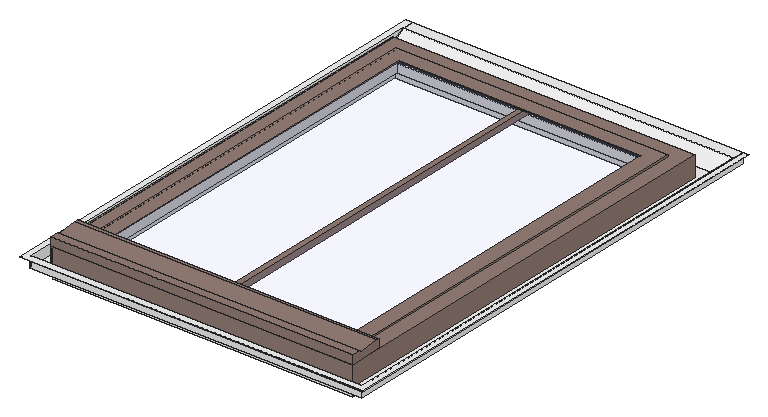
Revit family
Parameters (values of type "Skylight")
  Vis - Vert Bar = yes
  Vis - Ironmongery = yes
  Vert Bar Thickness = 25.00 mm
  Upstand = 50.00 mm
  Rough Width = Width  # 1395.00 mm
  Rough Height = Height  # 1980.00 mm
  Operation = "SinglePanel"
  Material Sash = Window Frame
  Material Ironmongery = Metal - Aluminium
  Material Flashing = Metal - Lead
  Material Glass = Glass
  Keynote = "L10"
  Height = 1980.00 mm
  Type Comments = ""
  Width = 1395.00 mm
  Material Frame = Metal - Bronze, Light Brush
  Assembly Code = ""
Reference planes
  plane 1 "Roof": z = 3657.6
  plane 2 "Top": y = -1206.219
  plane 3 "Bottom": y = 773.781
  plane 4 "Face": z = 3907.6
  plane 5 "Center (Front/Back)": y = -216.219
  plane 6: x = 721.911
  plane 7: x = -673.089
  plane 8 "Center Right/Left": x = 24.411
  plane 9: x = 796.911
  plane 10: y = 848.781
  plane 11: x = -748.089
  plane 12: z = 3862.6
  plane 13: y = -1246.219
Forms (mm)
  Extrusion 1, void
    sketch origin (0, 0, 3657.6) x (1, 0, 0) y (0, 1, 0)
      loop
        line (721.911, -1206.219) -> (721.911, 773.781) -> (-673.089, 773.781) -> (-673.089, -1206.219) -> (721.911, -1206.219)
    from 0 to 250
  Blend 2, void
    base sketch origin (0, 0, 3907.6) x (-1, 0, 0) y (0, -1, 0)
      loop
        line (-796.911, 1246.219) -> (-796.911, -851.781) -> (748.089, -851.781) -> (748.089, 1246.219) -> (-796.911, 1246.219)
    top sketch origin (0, 0, 3907.6) x (-1, 0, 0) y (0, -1, 0)
      loop
        line (-796.911, 1246.219) -> (-796.911, -925.95) -> (748.089, -925.95) -> (748.089, 1246.219) -> (-796.911, 1246.219)
    from -45 to 0
  Sweep 3, solid, material "Metal - Bronze, Light Brush" <- "Material Frame"
    path origin (-14.176, -490.715, 3657.6) x (-1, 0, 0) y (0, -1, 0)
      loop
        line (-811.087, 790.504) -> (-811.087, -1338.876) -> (733.913, -1338.876) -> (733.913, 790.504) -> (-811.087, 790.504)
    profile origin (796.911, -216.529, 3657.6) x (-1, 0, 0) y (0, 0, 1)
      loop
        line (72.567, 210) -> (72.567, 300) -> (142.567, 300) -> (142.567, 307.067) -> (207.567, 307.067) -> (207.567, 310.067) -> (139.567, 310.067) -> (139.567, 303) -> (69.567, 303) -> (69.567, 210) -> (72.567, 210)
  Extrusion 4, solid, material "Metal - Lead" <- "Material Flashing"
    sketch origin (-14.176, -490.715, 3907.6) x (0, -1, 0) y (1, 0, 0)
      loop
        line (-1414.496, 811.087) -> (-1414.496, -733.913) -> (755.504, -733.913) -> (755.504, 811.087) -> (-1414.496, 811.087)
      loop
        line (-1464.496, 836.087) -> (-1464.496, -758.913) -> (780.504, -758.913) -> (780.504, 836.087) -> (-1464.496, 836.087)
    from 0 to 3
  Extrusion 5, solid, material "Metal - Bronze, Light Brush" <- "Material Frame"
    sketch origin (24.411, 0, 0) x (0, -1, 0) y (0, 0, 1)
      loop
        line (1211.652, 3960.6) -> (1211.652, 4000.6) -> (1171.652, 4000.6) -> (1171.652, 3990.6) -> (1072.519, 4000.6) -> (1057.519, 4000.6) -> (1057.519, 3960.6) -> (1211.652, 3960.6)
    from -702.933 to 702.933
  Extrusion 6, solid, material "Metal - Lead" <- "Material Flashing"
    sketch origin (24.411, -2005.696, 1219.2) x (0, -1, 0) y (0, 0, 1)
      loop
        line (-2929.477, 2688.4) -> (-2854.477, 2643.4) -> (-2779.477, 2643.4) -> (-2779.477, 2646.4) -> (-2853.646, 2646.4) -> (-2928.646, 2691.4) -> (-2929.477, 2691.4) -> (-2929.477, 2688.4)
      loop
        line (-759.477, 2691.4) -> (-762.341, 2691.4) -> (-762.341, 2646.4) -> (-799.477, 2646.4) -> (-799.477, 2643.4) -> (-759.477, 2643.4) -> (-759.477, 2691.4)
    from -772.5 to 772.5
  Extrusion 7, solid, material "Metal - Lead" <- "Material Flashing"
    sketch origin (908.235, 848.781, 4876.8) x (1, 0, 0) y (0, 0, 1)
      loop
        line (-111.324, -966.2) -> (-114.324, -966.2) -> (-114.324, -1011.2) -> (-186.324, -1011.2) -> (-186.324, -1014.2) -> (-111.324, -1014.2) -> (-111.324, -966.2)
      loop
        line (-1656.324, -966.2) -> (-1656.324, -1014.2) -> (-1581.324, -1014.2) -> (-1581.324, -1011.2) -> (-1653.324, -1011.2) -> (-1653.324, -966.2) -> (-1656.324, -966.2)
    from -125 to 2095
Cuts and joins
  joined: Extrusion 4, Extrusion 6, Extrusion 7
Lines and regions (mm)
  sketch lines
    curve 1: line (-1599.76, 1436.904, 0) -> (1448.24, 1436.904, 0)
    curve 2: line (-1599.76, 1436.904, 0) -> (-1599.76, -1611.096, 0)
    curve 3: line (-1599.76, -1611.096, 0) -> (1448.24, -1611.096, 0)
    curve 4: line (1448.24, 1436.904, 0) -> (1448.24, -1611.096, 0)
Dimensions and locks
  curve 2 to curve 4 = 3048.00 mm
  curve 3 to curve 1 = 3048.00 mm
  equal spacing: plane 2 "Top", plane 5 "Center (Front/Back)", plane 3 "Bottom"
  "Height": plane 2 "Top" to plane 3 "Bottom"
  "Width": plane 6 to plane 7
  equal spacing: plane 7, plane 8 "Center Right/Left", plane 6
  locked: plane 9 to plane 6 at 75
  locked: plane 7 to plane 11 at 75
  plane 3 "Bottom" to plane 10 = 75.00 mm
  "Upstand": nested 1 to host roof
  locked: host roof to plane 12 at 45
  plane 13 to plane 2 "Top" = 40.00 mm
  locked: plane 2 "Top" to Sweep 3 sketch curve at 75
  Sweep 3 sketch curve to nested 1 = 7.067 mm
  Sweep 3 sketch curve to plane 12 = 5.00 mm
  locked: plane 10 to Extrusion 4 sketch curve at 75
  locked: Extrusion 4 sketch curve to plane 13 at 25
  locked: Extrusion 4 sketch curve to Extrusion 4 sketch curve at 25  (x2)
  locked: Extrusion 4 sketch curve to Extrusion 4 sketch curve at 50
  Extrusion 6 sketch curve to Extrusion 6 sketch curve = 3.00 mm  (x2)
  cut or joined group of Extrusion 4, Extrusion 6, Extrusion 7 to plane 12 = 3.00 mm
  Extrusion 7 sketch curve to plane 11 = 3.00 mm
  locked: plane 10 to Blend 2 sketch curve at 3
  locked: cut or joined group of Extrusion 4, Extrusion 6, Extrusion 7 to Blend 2 sketch curve at 3
  aligned and locked: level to plane 1 "Roof"
  aligned and locked: plane 4 "Face" to host roof
  aligned and locked: host roof to Extrusion 1
  aligned and locked: Extrusion 1 to plane 1 "Roof"
  aligned and locked: Sweep 3 sketch curve to plane 11
  aligned and locked: Sweep 3 sketch curve to nested 1
  aligned and locked: Extrusion 4 sketch curve to plane 9
  aligned and locked: Extrusion 4 sketch curve to plane 11
  aligned and locked: plane 13 to Extrusion 4 sketch curve
  aligned and locked: Extrusion 5 sketch curve to Sweep 3
  aligned and locked: Extrusion 4 to Extrusion 6 sketch curve
  aligned and locked: plane 9 to Extrusion 6
  aligned and locked: plane 11 to Extrusion 6
  aligned and locked: nested 1 to Extrusion 7 sketch curve
  aligned and locked: Extrusion 7 sketch curve to cut or joined group of Extrusion 4, Extrusion 6, Extrusion 7  (x2)
  aligned and locked: Extrusion 6 sketch curve to cut or joined group of Extrusion 4, Extrusion 6, Extrusion 7
  aligned and locked: cut or joined group of Extrusion 4, Extrusion 6, Extrusion 7 to Extrusion 7 sketch curve
  aligned and locked: Extrusion 7 sketch curve to plane 9
  aligned and locked: plane 6 to Extrusion 7 sketch curve
  aligned and locked: Extrusion 7 sketch curve to plane 12
  aligned and locked: plane 11 to Extrusion 7 sketch curve
  aligned and locked: nested 1 to plane 8 "Center Right/Left"
  aligned and locked: nested 1 to plane 2 "Top"
  aligned and locked: cut or joined group of Extrusion 4, Extrusion 6, Extrusion 7 to plane 13
  aligned and locked: Extrusion 5 to Sweep 3  (x2)
  aligned and locked: Blend 2 to host roof
  aligned and locked: Blend 2 to plane 12
Automatic sketch dimensions
  Extrusion 1 sketch curve to plane 2 "Top" = 0.00 mm
  Extrusion 1 sketch curve to plane 7 = 0.00 mm
  Extrusion 1 sketch curve to plane 3 "Bottom" = 0.00 mm
  Extrusion 1 sketch curve to plane 6 = 0.00 mm
  Blend 2 sketch curve to plane 9 = 0.00 mm  (x2)
  Blend 2 sketch curve to plane 11 = 0.00 mm  (x2)
  Blend 2 sketch curve to plane 13 = 0.00 mm  (x2)
  Sweep 3 sketch curve to plane 9 = 0.00 mm
  plane 10 to Sweep 3 sketch curve = 0.62 mm
  Sweep 3 sketch curve to profile plane = 69.567 mm
  Sweep 3 sketch curve to Sweep 3 sketch curve = 3.00 mm  (x4)
  Sweep 3 sketch curve to Sweep 3 sketch curve = 67.00 mm
  Sweep 3 sketch curve to Sweep 3 sketch curve = 65.00 mm
  plane 2 "Top" to Extrusion 5 sketch curve = 148.699 mm
  Extrusion 5 sketch curve to Extrusion 5 sketch curve = 15.00 mm
  plane 2 "Top" to Extrusion 5 sketch curve = 34.567 mm
  Extrusion 5 sketch curve to plane 2 "Top" = 5.433 mm
  Extrusion 5 sketch curve to Extrusion 5 sketch curve = 30.00 mm
  Extrusion 5 sketch curve to Extrusion 5 sketch curve = 10.00 mm
  Extrusion 5 sketch curve to Extrusion 5 sketch curve = 40.00 mm
  Extrusion 6 sketch curve to plane 4 "Face" = 0.00 mm
  Extrusion 6 sketch curve to plane 10 = 0.00 mm
  Extrusion 6 sketch curve to plane 3 "Bottom" = 0.00 mm
  Extrusion 6 sketch curve to plane 2 "Top" = 0.00 mm
  Extrusion 6 sketch curve to plane 13 = 0.00 mm
  Extrusion 6 sketch curve to plane 12 = 0.00 mm  (x2)
  Extrusion 6 sketch curve to plane 10 = 74.169 mm
  Extrusion 6 sketch curve to Extrusion 6 sketch curve = 2.864 mm
  plane 12 to Extrusion 6 sketch curve = 3.00 mm
  plane 9 to Extrusion 7 sketch curve = 3.00 mm
  plane 12 to Extrusion 7 sketch curve = 3.00 mm
  Extrusion 7 sketch curve to Extrusion 7 sketch curve = 3.00 mm
Nested families
  nested 1: "Roof Window" at (106.273, -1206.219, 3917.6) x (-1, 0, 0) z (0, 0, 1), type "UK_Roof Window"
Definition of nested family "Roof Window"
  Parameters
    Width = 1395.00 mm
    Vis - Vert Bar = yes
    Vis - Ironmongery = yes
    Vertical Bar Width = 25.00 mm
    Material Vert Bar = Window Frame
    Material Ironmongery = Metal - Aluminium
    Material Glass = Glass
    Material Frame = Window Frame
    Depth = 1980.00 mm
  Reference planes
    plane 1 "Center (Front/Back)": y = 0
    plane 2: z = 0
    plane 3 "Center (Left/Right)": x = 81.861
    plane 4: x = -615.639
    plane 5: x = 779.361
    plane 6: y = -1980
    plane 7: x = -465.639
    plane 8: x = 629.361
  Forms (mm)
    Sweep 1, solid, material "Window Frame" <- "Material Frame"
      path origin (0, 0, 0) x (1, 0, 0) y (0, 1, 0)
        loop
          line (-615.639, 0) -> (-615.639, -1980) -> (779.361, -1980) -> (779.361, 0)
      profile origin (81.861, -1980, 0) x (0, 1, 0) y (0, 0, 1)
        loop
          line (0, 30) -> (0, -95) -> (35, -95) -> (47.941, -46.704) -> (47.941, -6.704) -> (32.941, -6.704) -> (32.941, 30) -> (0, 30)
    Sweep 2, solid, material "Window Frame"
      path origin (0, 0, 0) x (1, 0, 0) y (0, 1, 0)
        loop
          line (-615.639, -89.14) -> (-615.639, -1980) -> (779.361, -1980) -> (779.361, -89.14)
      profile origin (81.861, -1980, 0) x (0, 1, 0) y (0, 0, 1)
        loop
          line (36.941, 30) -> (36.941, -2.704) -> (51.941, -2.704) -> (51.941, -35) -> (84.314, -35) -> (96.78, 15) -> (76.941, 15) -> (76.941, 30) -> (36.941, 30)
    Extrusion 3, solid, material "Window Frame" <- "Material Frame"
      sketch origin (81.861, 0, 0) x (0, 1, 0) y (0, 0, 1)
        loop
          line (0, 40) -> (-35, 40) -> (-35, 30) -> (-65, 30) -> (-65, -6.704) -> (-35, -6.704) -> (-35, -95) -> (0, -95) -> (0, 40)
      from -697.5 to 697.5
    Extrusion 4, solid, material "Window Frame"
      sketch origin (81.861, 0, 0) x (0, 1, 0) y (0, 0, 1)
        loop
          line (-136.512, -35) -> (-124.14, -35) -> (-124.14, -40) -> (-132.619, -40) -> (-132.619, -50) -> (-73.129, -50)
          arc (-73.129, -50) -> (-60.45, -47.189) -> (-50.148, -39.284) r 30
          line (-50.148, -39.284) -> (-46.553, -35) -> (-39, -35) -> (-39, -10.704) -> (-65, -10.704) -> (-65, -35) -> (-89.14, -35) -> (-89.14, 30) -> (-133.979, 30) -> (-133.979, 15) -> (-148.979, 15) -> (-136.512, -35)
      from -660.559 to 660.559
    Extrusion 5, solid, material "Glass" <- "Material Glass"
      sketch origin (0, -2066.613, 50) x (0, -1, 0) y (1, 0, 0)
        loop
          line (-163.554, -538.698) -> (-163.554, 702.421) -> (-1932.634, 702.421) -> (-1932.634, -538.698) -> (-163.554, -538.698)
      from -35 to -11
    Extrusion 6, solid, material "Metal - Aluminium" <- "Material Ironmongery", visible <- "Vis - Ironmongery"
      sketch origin (-465.639, 143.618, 1200) x (0, 1, 0) y (0, 0, 1)
        loop
          line (-227.758, -1250) -> (-257.758, -1250) -> (-257.758, -1270) -> (-227.758, -1278.038) -> (-227.758, -1250)
      from 2 to -2
    Extrusion 7, solid, material "Metal - Aluminium" <- "Material Ironmongery", visible <- "Vis - Ironmongery"
      sketch origin (629.361, 182.43, 1200) x (0, 1, 0) y (0, 0, 1)
        loop
          line (-266.57, -1250) -> (-296.57, -1250) -> (-296.57, -1270) -> (-266.57, -1278.038) -> (-266.57, -1250)
      from 2 to -2
    Extrusion 8, solid, material "Metal - Aluminium" <- "Material Ironmongery", visible <- "Vis - Ironmongery"
      sketch origin (81.861, 0, 0) x (0, 1, 0) y (0, 0, 1)
        loop
          line (-122.14, -67.856) -> (-122.14, -71.998) -> (-76.14, -84.323) -> (-76.14, -80.182) -> (-122.14, -67.856)
      from 600.72 to -600.72
    Extrusion 9, solid, material "Window Frame" <- "Material Vert Bar", visible <- "Vis - Vert Bar"
      sketch origin (-868.052, -1980, 1200) x (-1, 0, 0) y (0, 0, 1)
        loop
          line (-937.414, -1156.833) -> (-962.414, -1156.833) -> (-962.414, -1185) -> (-937.414, -1185) -> (-937.414, -1156.833)
      from 1846.021 to 76.941
  Cuts and joins
    joined: Sweep 1, Extrusion 3
    joined: Sweep 2, Extrusion 4
  Dimensions and locks
    equal spacing: plane 4, plane 3 "Center (Left/Right)", plane 5
    "Width": plane 4 to plane 5
    "Depth": plane 6 to plane 1 "Center (Front/Back)"
    Sweep 1 sketch curve to Sweep 1 sketch curve to Sweep 1 sketch curve to Sweep 1 sketch curve = 36.704 mm locked, 40.00 mm locked, 48.296 mm locked
    plane 6 to Sweep 1 sketch curve to Sweep 1 sketch curve to Sweep 1 sketch curve = 32.941 mm locked, 2.059 mm locked, 12.941 mm locked
    Extrusion 3 sketch curve to Extrusion 3 sketch curve to Extrusion 3 sketch curve = 10.00 mm locked, 36.704 mm locked
    locked: Extrusion 4 sketch curve to Extrusion 4 sketch curve at 80
    locked: plane 4 to plane 7 at 150
    locked: plane 8 to plane 5 at 150
    locked: Extrusion 8 sketch curve to Extrusion 8 sketch curve at 4
    equal spacing: Extrusion 9 sketch curve, plane 3 "Center (Left/Right)", Extrusion 9 sketch curve
    "Vertical Bar Width": Extrusion 9 sketch curve to Extrusion 9 sketch curve
    locked: Extrusion 9 sketch curve to Extrusion 5 at 4.167
    locked: Extrusion 4 sketch curve to Extrusion 4 sketch curve at 44.839
    locked: Extrusion 4 sketch curve to plane 1 "Center (Front/Back)" at 89.14
    aligned and locked: plane 5 to Extrusion 3
    aligned and locked: Extrusion 3 to plane 4
    aligned and locked: cut or joined group of Sweep 1, Extrusion 3 to Extrusion 4 sketch curve
    aligned and locked: Extrusion 4 to Sweep 2 sketch curve
    aligned and locked: Sweep 2 sketch curve to Extrusion 4
    aligned and locked: cut or joined group of Sweep 2, Extrusion 4 to Extrusion 4 sketch curve
    aligned and locked: cut or joined group of Sweep 1, Extrusion 3 to cut or joined group of Sweep 2, Extrusion 4
    aligned and locked: Extrusion 4 to Sweep 2
    aligned and locked: Sweep 2 to Extrusion 4
    aligned and locked: Extrusion 7 sketch curve to cut or joined group of Sweep 2, Extrusion 4
    aligned and locked: Extrusion 7 sketch curve to Extrusion 6  (x3)
    aligned and locked: Extrusion 8 sketch curve to Extrusion 7
    aligned and locked: Extrusion 8 to cut or joined group of Sweep 2, Extrusion 4
    aligned and locked: cut or joined group of Sweep 2, Extrusion 4 to Extrusion 8
    aligned and locked: Extrusion 9 sketch curve to Extrusion 5
    aligned and locked: Extrusion 9 to cut or joined group of Sweep 2, Extrusion 4  (x2)
  Automatic sketch dimensions
    Sweep 1 sketch curve to plane 4 = 0.00 mm
    Sweep 1 sketch curve to plane 5 = 0.00 mm
    Sweep 1 sketch curve to plane 6 = 0.00 mm
    Sweep 1 sketch curve to plane 1 "Center (Front/Back)" = 0.00 mm  (x2)
    Sweep 1 sketch curve to profile plane = 0.00 mm
    Extrusion 3 sketch curve to plane 1 "Center (Front/Back)" = 0.00 mm
    Extrusion 3 sketch curve to Extrusion 3 sketch curve = 30.00 mm
    Sweep 2 sketch curve to plane 4 = 0.00 mm
    Sweep 2 sketch curve to plane 5 = 0.00 mm
    Sweep 2 sketch curve to plane 6 = 0.00 mm
    Sweep 2 sketch curve to level = 2.704 mm
    Sweep 2 sketch curve to profile plane = 36.941 mm
    Sweep 2 sketch curve to Sweep 2 sketch curve = 15.00 mm  (x2)
    level to Sweep 2 sketch curve = 15.00 mm
    Sweep 2 sketch curve to Sweep 2 sketch curve = 25.00 mm
    Sweep 2 sketch curve to Sweep 2 sketch curve = 32.373 mm
    Sweep 2 sketch curve to Sweep 2 sketch curve = 19.839 mm
    Sweep 2 sketch curve to level = 35.00 mm
    plane 1 "Center (Front/Back)" to Extrusion 5 sketch curve = 133.979 mm
    plane 6 to Extrusion 5 sketch curve = 76.941 mm
    plane 4 to Extrusion 5 sketch curve = 76.941 mm
    Extrusion 5 sketch curve to plane 5 = 76.941 mm
    plane 1 "Center (Front/Back)" to Extrusion 3 sketch curve = 35.00 mm  (x2)
    Extrusion 3 sketch curve to level = 95.00 mm
    Extrusion 3 sketch curve to level = 6.704 mm
    Extrusion 6 sketch curve to level = 50.00 mm
    plane 1 "Center (Front/Back)" to Extrusion 6 sketch curve = 114.14 mm
    Extrusion 6 sketch curve to Extrusion 6 sketch curve = 30.00 mm
    Extrusion 6 sketch curve to Extrusion 6 sketch curve = 20.00 mm
    Extrusion 6 sketch curve to Extrusion 6 sketch curve = 28.038 mm
    Extrusion 8 sketch curve to level = 67.856 mm
    Extrusion 8 sketch curve to Extrusion 8 sketch curve = 46.00 mm
    Extrusion 4 sketch curve to Extrusion 4 sketch curve = 8.129 mm
    Extrusion 4 sketch curve to Extrusion 4 sketch curve = 35.00 mm
    Extrusion 4 sketch curve to Extrusion 4 sketch curve = 8.479 mm
    Extrusion 4 sketch curve to level = 35.00 mm  (x2)
    Extrusion 4 sketch curve to Extrusion 4 sketch curve = 3.894 mm
    Extrusion 4 sketch curve to Extrusion 4 sketch curve = 15.00 mm
    Extrusion 4 sketch curve to Extrusion 4 sketch curve = 14.852 mm
    Extrusion 4 sketch curve to Extrusion 4 sketch curve = 3.594 mm
    Extrusion 4 sketch curve to Extrusion 4 sketch curve = 7.553 mm
    Extrusion 4 sketch curve to Extrusion 4 sketch curve = 4.284 mm  (x2)
    Extrusion 4 sketch curve to Extrusion 4 sketch curve = 5.00 mm
    Extrusion 4 sketch curve to Extrusion 4 sketch curve = 10.716 mm
    Extrusion 4 sketch curve to level = 10.704 mm
    level to Extrusion 4 sketch curve = 15.00 mm
